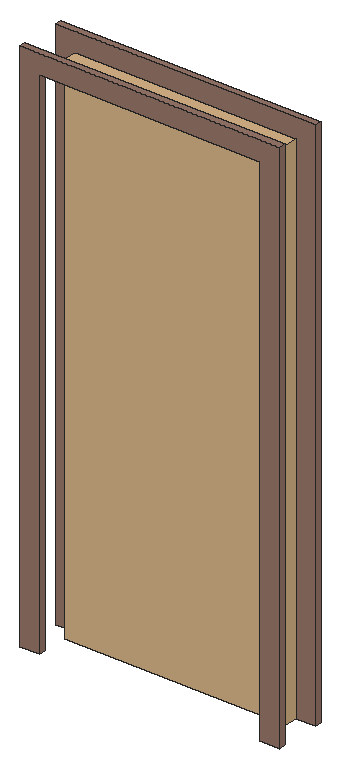
Revit family "M_Single-Flush", category Doors, host Wall, Revit 2018
Family settings
  Host = Wall
  OmniClass Number = 23.30.10.00
  OmniClass Title = Doors
  Always vertical = Yes
  Cut with Voids When Loaded = No
  Shared = No
  Room Calculation Point = No
Parameters (values of type "0864 x 2032mm")
  Visual Light Transmittance = 0
  Thickness = 51.00 mm
  Solar Heat Gain Coefficient = 0
  Construction Type Id = "MDOOR"
  Heat Transfer Coefficient (U) = 3.7021 W/(m²·K)
  Function = Interior
  Door Material = Door - Panel
  Frame Material = Door - Frame
  Height = 2032.00 mm
  Trim Projection Ext = 25.00 mm
  Trim Projection Int = 25.00 mm
  Trim Width = 76.00 mm
  Wall Closure = By host
  Width = 864.00 mm
  Analytic Construction = "Metal"
Reference planes
  plane 1: y = 0
  plane 2: z = 0
  plane 3: x = 0
  plane 4: x = -432
  plane 5: x = 432
  plane 6: z = 2032
Forms (mm)
  Extrusion 1, solid, material "Door - Panel" <- "Door Material"
    sketch origin (0, 0, 0) x (1, 0, 0) y (0, 0, 1)
      loop
        line (-432, 2032) -> (-432, 0) -> (432, 0) -> (432, 2032) -> (-432, 2032)
    from -76.2 to -25.2
  Extrusion 2, solid, material "Door - Frame" <- "Frame Material"
    sketch origin (-1524, -76.2, 0) x (1, 0, 0) y (0, 0, 1)
      loop
        line (1016, 2108) -> (1016, 0) -> (1092, 0) -> (1092, 2032) -> (1956, 2032) -> (1956, 0) -> (2032, 0) -> (2032, 2108) -> (1016, 2108)
    from 0 to 25
  Extrusion 3, solid, material "Door - Frame" <- "Frame Material"
    sketch origin (-1524, 76.2, 0) x (-1, 0, 0) y (0, 0, 1)
      loop
        line (-2032, 2108) -> (-2032, 0) -> (-1956, 0) -> (-1956, 2032) -> (-1092, 2032) -> (-1092, 0) -> (-1016, 0) -> (-1016, 2108) -> (-2032, 2108)
    from 0 to 25
Lines and regions (mm)
  Opening 1
    outline origin (-1524, -76.2, 3657.6) x (0, 0, -1) y (1, 0, 0)
      loop
        line (1625.6, 1092) -> (3657.6, 1092) -> (3657.6, 1956) -> (1625.6, 1956) -> (1625.6, 1092)
  symbolic lines, style "DoorsPanelProjection"
    curve 1: line (432, 76.2, 0) -> (381, 76.2, 0)
    curve 2: line (432, 76.2, 0) -> (432, 940.388, 0)
    curve 3: line (432, 940.388, 0) -> (381, 940.388, 0)
    curve 4: line (381, 76.2, 0) -> (381, 940.388, 0)
  model lines, style "DoorsFrameMullionProjection"
    curve 5: line (-508, -76.2, 0) -> (-508, -76.2, 2108)
    curve 6: line (-508, -76.2, 2108) -> (508, -76.2, 2108)
    curve 7: line (508, -76.2, 2108) -> (508, -76.2, 0)
    curve 8: line (508, 76.2, 0) -> (508, 76.2, 2108)
    curve 9: line (-508, 76.2, 2108) -> (508, 76.2, 2108)
    curve 10: line (-508, 76.2, 2108) -> (-508, 76.2, 0)
  symbolic lines, style "Plan Swing"
    curve 11: arc (381, 940.388, 0) -> (-197.91, 670.031, 0) -> (-433.691, 76.2, 0) r 865.691
  symbolic lines, style "Elevation Swing"
    curve 12: line (-432, 0, 2032) -> (432, 0, 1016)
    curve 13: line (432, 0, 1016) -> (-432, 0, 0)
Dimensions and locks
  equal spacing: plane 4, plane 3, plane 5
  "Width": plane 4 to plane 5
  locked: host wall to curve 1
  control icon elem to plane 5 = 236.408 mm
  "Height": plane 6 to plane 2
  "Trim Width": plane 4 to curve 5
  "Trim Width": plane 5 to curve 7
  "Trim Width": plane 6 to curve 6
  locked: curve 9 to host wall
  "Trim Projection Ext": Extrusion 3 to host wall
  "Trim Projection Int": Extrusion 2 to host wall
  "Thickness": curve 4 to plane 5
  "Thickness": Extrusion 1 to host wall
  equal spacing: plane 6, curve 13, level
  aligned and locked: host wall to Extrusion 1
  aligned and locked: plane 2 to curve 5
  aligned and locked: curve 7 to level
  aligned and locked: curve 8 to curve 7
  aligned and locked: curve 6 to Extrusion 2 sketch curve
  aligned and locked: Extrusion 2 sketch curve to curve 5
  aligned and locked: Extrusion 2 sketch curve to curve 7
  aligned and locked: Extrusion 2 to Extrusion 3 sketch curve
  aligned and locked: Extrusion 3 sketch curve to Extrusion 2  (x2)
Automatic sketch dimensions
  Opening 1 sketch curve to plane 6 = 0.00 mm
  Opening 1 sketch curve to level = 0.00 mm
  Opening 1 sketch curve to plane 4 = 0.00 mm
  Opening 1 sketch curve to plane 5 = 0.00 mm
  Extrusion 1 sketch curve to plane 4 = 0.00 mm
  Extrusion 1 sketch curve to plane 5 = 0.00 mm
  Extrusion 1 sketch curve to level = 0.00 mm
  Extrusion 1 sketch curve to plane 6 = 0.00 mm
  Extrusion 2 sketch curve to level = 0.00 mm  (x2)
  Extrusion 2 sketch curve to plane 4 = 0.00 mm
  Extrusion 2 sketch curve to plane 5 = 0.00 mm
  Extrusion 2 sketch curve to plane 6 = 0.00 mm
  Extrusion 3 sketch curve to level = 0.00 mm  (x2)
  Extrusion 3 sketch curve to plane 5 = 0.00 mm
  Extrusion 3 sketch curve to plane 4 = 0.00 mm
  Extrusion 3 sketch curve to plane 6 = 0.00 mm
  curve 1 to plane 5 = 0.00 mm
  curve 11 to plane 5 = 0.00 mm
  plane 4 to curve 11 = 1.691 mm
  curve 11 to host wall = 0.00 mm
  curve 12 to plane 4 = 0.00 mm
  curve 12 to plane 6 = 0.00 mm
  curve 13 to plane 5 = 0.00 mm
  curve 10 to level = 0.00 mm
  curve 8 to level = 0.00 mm
  curve 13 to level = 0.00 mm
  curve 13 to plane 4 = 0.00 mm
  curve 9 to curve 5 = 0.00 mm
  curve 10 to curve 5 = 0.00 mm
